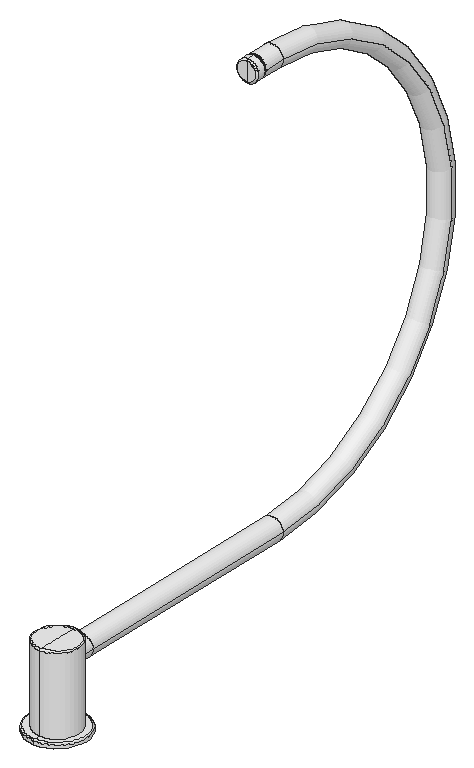
Revit family "CAROMA UPSWEPT SHOWER ARM", category Plumbing Fixtures, host Face, Revit 2020
Family settings
  Host = Face
  Round Connector Dimension = Use Diameter
  Part Type = Normal
  OmniClass Number = 23.45.05.14.17
  OmniClass Title = Showers
  Cut with Voids When Loaded = No
  Shared = No
  Room Calculation Point = No
Parameters (values of type "CAROMA UPSWEPT SHOWER ARM - CHROME")
  Waste Connection = no
  Vent Connection = no
  URL = "https://www.caroma.com.au/"
  Model = "849086C"
  Material_Sprays = GWA-Plastic-General
  Material_Face = GWA_Metal-Chrome
  Material = GWA_Metal-Chrome
  Manufacturer = "GWA Bathrooms & Kitchens"  # constant formula
  HW Connection = yes
  Description = "CAROMA UPSWEPT SHOWER ARM - CHROME"
  Default Elevation = 0.00 mm
  CreatedBy_ANZRS = "GWA Bathrooms & Kitchens"  # constant formula
  CW Connection = yes
  Assembly Code = ""
Types (6, lengths in mm): name | Model | Material_Face | Material | Description
  (no name) | "849086C" | GWA_Metal-Chrome | GWA_Metal-Chrome | "CAROMA UPSWEPT SHOWER ARM - CHROME"
  CAROMA UPSWEPT SHOWER ARM - CHROME | "849086C" | GWA_Metal-Chrome | GWA_Metal-Chrome | "CAROMA UPSWEPT SHOWER ARM - CHROME"
  CAROMA UPSWEPT SHOWER ARM - MATTE BLACK | "849086B" | GWA-Metal-Black | GWA-Metal-Black | "CAROMA UPSWEPT SHOWER ARM - MATTE BLACK"
  CAROMA UPSWEPT SHOWER ARM - BRUSHED BRASS | "849086BB" | GWA_Metal-Brushed-Brass | GWA_Metal-Brushed-Brass | "CAROMA UPSWEPT SHOWER ARM - BRUSHED BRASS"
  CAROMA UPSWEPT SHOWER ARM - BRUSHED BRONZE | "849086BBZ" | GWA_Metal-Brushed-Bronze | GWA_Metal-Brushed-Bronze | "CAROMA UPSWEPT SHOWER ARM - BRUSHED BRONZE"
  CAROMA UPSWEPT SHOWER ARM - BRUSHED NICKEL | "849086BN" | GWA_Metal-Brushed-Nickel | GWA_Metal-Brushed-Nickel | "CAROMA UPSWEPT SHOWER ARM - BRUSHED NICKEL"
Reference planes
  plane 1 "Center (Front/Back)": y = 0
  plane 2: z = 0
  plane 3 "Center (Left/Right)": x = 0
Forms (mm)
  Revolve 1, solid, material "GWA_Metal-Chrome" <- "Material"
    sketch origin (0, 0, 0) x (0, 1, 0) y (0, 0, 1)
      loop
        line (0, 0) -> (27.5, 0) -> (27.5, 3)
        arc (27.5, 3) -> (27.207, 3.707) -> (26.5, 4) r 1
        line (26.5, 4) -> (0, 4) -> (0, 0)
      axis (0, 0) -> (0, 4)
    angle from 0 to 360
  Revolve 2, solid, material "GWA_Metal-Chrome" <- "Material"
    sketch origin (0, 0, 0) x (0, 1, 0) y (0, 0, 1)
      loop
        line (0, 4) -> (20.5, 4) -> (20.5, 76.5)
        arc (20.5, 76.5) -> (20.207, 77.207) -> (19.5, 77.5) r 1
        line (19.5, 77.5) -> (0, 77.5) -> (0, 4)
      axis (0, 4) -> (0, 77.5)
    angle from 0 to 360
  Revolve 3, solid, material "GWA_Metal-Chrome" <- "Material"
    sketch origin (0, 0, 0) x (0, 1, 0) y (0, 0, 1)
      loop
        line (234, 459) -> (234, 468.2) -> (231.7, 468.2) -> (231.7, 469.25) -> (225.2, 469.25) -> (223.7, 467.75) -> (223.7, 459) -> (234, 459)
      axis (223.7, 459) -> (234, 459)
    angle from 0 to 360
  Sweep 4, solid, material "GWA_Metal-Chrome" <- "Material"
    path origin (0, 0, 0) x (0, 1, 0) y (0, 0, 1)
      loop
        line (29, 59) -> (253.75, 59)
        arc (253.75, 59) -> (453.75, 259) -> (253.75, 459) r 200
        line (253.75, 459) -> (234, 459)
    profile origin (0, 141.375, 59) x (0, 0, 1) y (1, 0, 0)
      loop
        circle (0, 0) r 10.25
  Extrusion 5, solid, material "GWA_Metal-Chrome" <- "Material"
    sketch origin (0, 0, 0) x (1, 0, 0) y (0, 0, 1)
      loop
        circle (0, 59) r 10.25
    from -29 to 0
Cuts and joins
  joined: Revolve 2, Extrusion 5
Lines and regions (mm)
  Masking region 1
    outline origin (0, 0, 0) x (1, 0, 0) y (0, 0, 1)
      loop
        line (-27.5, 0) -> (27.5, 0) -> (27.5, 3)
        arc (27.5, 3) -> (27.207, 3.707) -> (26.5, 4) r 1
        line (26.5, 4) -> (20.5, 4) -> (20.5, 76.5)
        arc (20.5, 76.5) -> (20.207, 77.207) -> (19.5, 77.5) r 1
        line (19.5, 77.5) -> (10.25, 77.5) -> (10.25, 459)
        arc (10.25, 459) -> (0, 469.25) -> (-10.25, 459) r 10.25
        line (-10.25, 459) -> (-10.25, 77.5) -> (-19.5, 77.5)
        arc (-19.5, 77.5) -> (-20.207, 77.207) -> (-20.5, 76.5) r 1
        line (-20.5, 76.5) -> (-20.5, 4) -> (-26.5, 4)
        arc (-26.5, 4) -> (-27.207, 3.707) -> (-27.5, 3) r 1
        line (-27.5, 3) -> (-27.5, 0)
  Masking region 2
    outline origin (0, 0, 0) x (0, 1, 0) y (0, 0, 1)
      loop
        line (-20.5, 4) -> (-26.5, 4)
        arc (-26.5, 4) -> (-27.207, 3.707) -> (-27.5, 3) r 1
        line (-27.5, 3) -> (-27.5, 0) -> (27.5, 0) -> (27.5, 3)
        arc (27.5, 3) -> (27.207, 3.707) -> (26.5, 4) r 1
        line (26.5, 4) -> (20.5, 4) -> (20.5, 48.75) -> (253.75, 48.75)
        arc (253.75, 48.75) -> (464, 259) -> (253.75, 469.25) r 210.25
        line (253.75, 469.25) -> (234, 469.25) -> (234, 468.2) -> (231.7, 468.2) -> (231.7, 469.25) -> (225.2, 469.25) -> (223.7, 467.75) -> (223.7, 450.25) -> (225.2, 448.75) -> (231.7, 448.75) -> (231.7, 449.8) -> (234, 449.8) -> (234, 448.75) -> (253.75, 448.75)
        arc (253.75, 448.75) -> (443.5, 259) -> (253.75, 69.25) r 189.75
        line (253.75, 69.25) -> (20.5, 69.25) -> (20.5, 76.5)
        arc (20.5, 76.5) -> (20.207, 77.207) -> (19.5, 77.5) r 1
        line (19.5, 77.5) -> (-19.5, 77.5)
        arc (-19.5, 77.5) -> (-20.207, 77.207) -> (-20.5, 76.5) r 1
        line (-20.5, 76.5) -> (-20.5, 4)
  Masking region 3
    outline origin (0, 0, 0) x (1, 0, 0) y (0, 1, 0)
      loop
        arc (-10.25, 25.518) -> (0, -27.5) -> (10.25, 25.518) r 27.5
        line (10.25, 25.518) -> (10.25, 453.75)
        arc (10.25, 453.75) -> (0, 464) -> (-10.25, 453.75) r 10.25
        line (-10.25, 453.75) -> (-10.25, 25.518)
  symbolic lines
    curve 1: line (27.5, 0, 0) -> (27.5, 0, 3)
    curve 2: line (26.5, 0, 4) -> (-26.5, 0, 4)
    curve 3: line (-27.5, 0, 3) -> (-27.5, 0, 0)
    curve 4: line (-27.5, 0, 0) -> (27.5, 0, 0)
    curve 5: line (19.5, 0, 77.5) -> (10.25, 0, 77.5)
    curve 6: line (-20.5, 0, 76.5) -> (-20.5, 0, 4)
    curve 7: arc (-10.25, 0, 59) -> (0, 0, 48.75) -> (10.25, 0, 59) r 10.25
    curve 8: line (10.25, 0, 59) -> (10.25, 0, 459)
    curve 9: line (-10.25, 0, 59) -> (-10.25, 0, 459)
    curve 10: arc (10.25, 0, 459) -> (0, 0, 469.25) -> (-10.25, 0, 459) r 10.25
    curve 11: arc (-20.5, 0, 76.5) -> (-20.207, 0, 77.207) -> (-19.5, 0, 77.5) r 1
    curve 12: arc (-26.5, 0, 4) -> (-27.207, 0, 3.707) -> (-27.5, 0, 3) r 1
    curve 13: arc (26.5, 0, 4) -> (27.207, 0, 3.707) -> (27.5, 0, 3) r 1
    curve 14: line (20.5, 0, 76.5) -> (20.5, 0, 4)
    curve 15: arc (20.5, 0, 76.5) -> (20.207, 0, 77.207) -> (19.5, 0, 77.5) r 1
    curve 16: line (-10.25, 0, 77.5) -> (-19.5, 0, 77.5)
    curve 17: line (0, -27.5, 0) -> (0, -27.5, 3)
    curve 18: line (0, -26.5, 4) -> (0, 26.5, 4)
    curve 19: line (0, 27.5, 3) -> (0, 27.5, 0)
    curve 20: line (0, 27.5, 0) -> (0, -27.5, 0)
    curve 21: line (0, -20.5, 4) -> (0, -20.5, 76.5)
    curve 22: line (0, -19.5, 77.5) -> (0, 19.5, 77.5)
    curve 23: line (0, 20.5, 76.5) -> (0, 20.5, 69.25)
    curve 24: line (0, 225.2, 448.75) -> (0, 225.2, 469.25)
    curve 25: line (0, 223.7, 467.75) -> (0, 223.7, 450.25)
    curve 26: line (0, 231.7, 469.25) -> (0, 231.7, 448.75)
    curve 27: line (0, 234, 469.25) -> (0, 234, 448.75)
    curve 28: line (0, 225.2, 469.25) -> (0, 223.7, 467.75)
    curve 29: line (0, 225.2, 469.25) -> (0, 231.7, 469.25)
    curve 30: line (0, 231.7, 448.75) -> (0, 225.2, 448.75)
    curve 31: line (0, 223.7, 450.25) -> (0, 225.2, 448.75)
    curve 32: line (0, 234, 468.2) -> (0, 231.7, 468.2)
    curve 33: line (0, 234, 449.8) -> (0, 231.7, 449.8)
    curve 34: line (0, 253.75, 69.25) -> (0, 20.5, 69.25)
    curve 35: line (0, 253.75, 48.75) -> (0, 20.5, 48.75)
    curve 36: arc (0, 20.5, 69.25) -> (0, 17.754, 59) -> (0, 20.5, 48.75) r 20.5
    curve 37: arc (0, 253.75, 69.25) -> (0, 443.5, 259) -> (0, 253.75, 448.75) r 189.75
    curve 38: arc (0, 253.75, 48.75) -> (0, 464, 259) -> (0, 253.75, 469.25) r 210.25
    curve 39: line (0, 253.75, 469.25) -> (0, 234, 469.25)
    curve 40: line (0, 253.75, 448.75) -> (0, 234, 448.75)
    curve 41: line (0, 29, 48.75) -> (0, 29, 69.25)
    curve 42: line (0, 20.5, 48.75) -> (0, 20.5, 4)
    curve 43: arc (0, -20.5, 76.5) -> (0, -20.207, 77.207) -> (0, -19.5, 77.5) r 1
    curve 44: arc (0, 19.5, 77.5) -> (0, 20.207, 77.207) -> (0, 20.5, 76.5) r 1
    curve 45: arc (0, 26.5, 4) -> (0, 27.207, 3.707) -> (0, 27.5, 3) r 1
    curve 46: arc (0, -26.5, 4) -> (0, -27.207, 3.707) -> (0, -27.5, 3) r 1
    curve 47: arc (-10.25, 25.518, 0) -> (0, -27.5, 0) -> (10.25, 25.518, 0) r 27.5
    curve 48: circle (0, 0, 0) r 20.5 normal (0, 0, 1)
    curve 49: line (10.25, 29, 0) -> (-10.25, 29, 0)
    curve 50: line (-10.25, 234, 0) -> (10.25, 234, 0)
    curve 51: line (-10.25, 231.7, 0) -> (10.25, 231.7, 0)
    curve 52: line (-8.75, 223.7, 0) -> (8.75, 223.7, 0)
    curve 53: line (-10.25, 225.2, 0) -> (10.25, 225.2, 0)
    curve 54: line (9.2, 234, 0) -> (9.2, 231.7, 0)
    curve 55: arc (10.25, 453.75, 0) -> (0, 464, 0) -> (-10.25, 453.75, 0) r 10.25
    curve 56: line (10.25, 453.75, 0) -> (10.25, 17.754, 0)
    curve 57: line (-10.25, 453.75, 0) -> (-10.25, 17.754, 0)
    curve 58: line (-9.2, 234, 0) -> (-9.2, 231.7, 0)
    curve 59: line (8.75, 223.7, 0) -> (10.25, 225.2, 0)
    curve 60: line (-8.75, 223.7, 0) -> (-10.25, 225.2, 0)
Dimensions and locks
  aligned and locked: plane 2 to host face
  aligned and locked: level to host face
